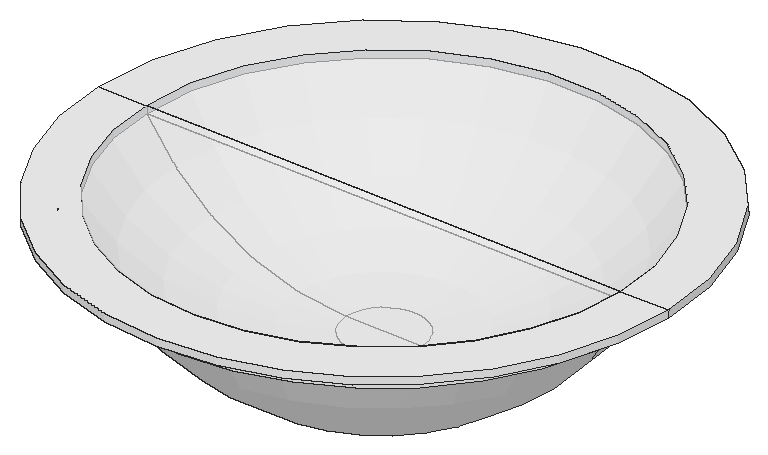
Revit family "0030339 Sylvania Lighting Fixture START Downlight 225 IP44 DALI 2250Lm 840", category Lighting Fixtures, host Face, Revit 2016
Family settings
  Host = Face
  Part Type = Normal
  Round Connector Dimension = Use Diameter
  OmniClass Number = 23.80.70.00
  OmniClass Title = Lighting
  Cut with Voids When Loaded = No
  Light Source = Yes
  Shared = No
  Room Calculation Point = No
Parameters (values of type "0030339 ST DOWNLIGHT 225 IP44 DALI 2250LM 840")
  Weight = "10.188 kg"
  Wattage Comments = ""
  Wattage = 23 W
  WarrantyStartDate [instance] = "n/a"
  WarrantyGuarantorParts = "n/a"
  WarrantyDurationUnit = "n/a"
  WarrantyDurationParts = "n/a"
  WarrantyDescription = "n/a"
  built-in parameter 1150110 = 1 (stored number, unit not read)
  Voltage = 230 V
  URL = "http://www.sylvania-lighting.com"
  TypeName = "START Downlight 225 IP44 DALI 2250Lm 840"
  Type Image = <None>
  Type Comments = "n/a"
  built-in parameter 1114217 = 1 (stored number, unit not read)
  Tilt Angle = -90.00°
  built-in parameter 1150109 = 1 (stored number, unit not read)
  built-in parameter 1150134 = 12
  built-in parameter 1150113 = 1 (stored number, unit not read)
  SerialNumber [instance] = "n/a"
  S_SYL = no
  RadiusTop_SYL = if(S_SYL, 80 mm, if(M_SYL, 100 mm, if(L_SYL, 120 mm, 120 mm)))  # 120 mm
  Photometric Web File = "0030339.ies"
  Material_3_FEILO = Top-Sylvania-STARTDownlight
  PowerFactor = 0.9
  PowerConsumption = "23 W"
  NominalLength = 240 mm
  NominalHeight = 65 mm
  NominalDepth = 240 mm
  Name = "START Downlight 225 IP44 DALI 2250Lm 840"
  ModelReference = Name  # "START Downlight 225 IP44 DALI 2250Lm 840"
  ModelNumber = "0030339"
  Model = Name  # "START Downlight 225 IP44 DALI 2250Lm 840"
  Material = "aluminium housing, polycarbonate diffuser"
  ManufacturerName = "Feilo Sylvania"
  Manufacturer = "Feilo Sylvania"
  M_SYL = no
  LuminousEfficacy = "101.5 lm/W"
  built-in parameter 1150105 = 1223.5 (stored number, unit not read)
  Lumens = 2335.08 lm
  LuminaireType = ""
  built-in parameter 1150115 = 1 (stored number, unit not read)
  LightOutputRatio = "100"
  built-in parameter 1150137 = (empty or 0)
  built-in parameter 1150139 = (empty or 0)
  LampsType = Lamp  # "LED"
  LampNominalLuminous = "2335 lm"
  LampMacAdamStep = "5"
  LampColourTemperature = "4000 K"
  LampColourRenderingIndex = "80"
  built-in parameter 1150112 = 1 (stored number, unit not read)
  built-in parameter 1150114 = 1 (stored number, unit not read)
  Lamp = "LED"
  L_SYL = no
  Keynote = "16500"
  InstallationDate [instance] = "n/a"
  InputVoltage = "220-240V~"
  InputNominalFrequency = "50/60 Hz"
  built-in parameter 1150132 = (empty or 0)
  built-in parameter 1150102 = (empty or 0)
  built-in parameter 1150107 = 4000 (stored number, unit not read)
  built-in parameter 1150138 = (empty or 0)
  IngressProtection = "IP20/44"
  ImpactProtectionIndex = "IK07"
  built-in parameter 1150106 = 12.235 (stored number, unit not read)
  IfcExportType = "IfcLightFixtureType"
  IfcExportAs = "IfcLightFixtureType"
  Height_SYL = if(S_SYL, 41 mm, if(M_SYL, 47 mm, if(L_SYL, 56 mm, 62 mm)))  # 62 mm
  ExpectedLife = 50000
  Emit from Circle Diameter = Diameter_SYL - 40 mm  # 200 mm
  Emit Shape Visible in Rendering = no
  ElectricShockClassification = "Class II"
  built-in parameter 1150104 = 9.432 (stored number, unit not read)
  DurationUnit = "hours"
  DocumentationLiterature = "http://www.sylvania-lighting.com/product/en-int/products/0030339"
  DimmingControlOptions = "Dimmable"
  Material_2_FEILO = Diffuser-Sylvania-STARTDownlight
  Dimming Lamp Color Temperature Shift = <None>
  Diameter_SYL = if(S_SYL, 164 mm, if(M_SYL, 193 mm, if(L_SYL, 220 mm, 240 mm)))  # 240 mm
  DiameterTop_SYL = if(S_SYL, 77 mm, if(M_SYL, 81 mm, if(L_SYL, 104 mm, 105 mm)))  # 105 mm
  DiameterRecess_SYL = if(S_SYL, 141 mm, if(M_SYL, 169 mm, if(L_SYL, 198 mm, 216 mm)))  # 216 mm
  Description = ""
  Default Elevation = 1219.2 mm
  CreatedOn = "8/1/2018"
  CreatedBy = "@sylvania-lighting.com"
  Cost = 0
  Color Filter = 16777215
  built-in parameter 1114216 [instance] = (empty or 0)
  ClassificationValue = "EF_70_80"
  ClassificationName = "Uniclass2015"
  Material_1_FEILO = Trim-Sylvania-STARTDownlight-White
  BarCode [instance] = "n/a"
  built-in parameter 1114218 = 1 (stored number, unit not read)
  built-in parameter 1150133 = 10 (stored number, unit not read)
  AssetType = "Fixed"
  AssetIdentifier [instance] = "n/a"
  Assembly Code = "D5020200"
  Apparent Load = 23 VA
  Material_4_FEILO = LED-Sylvania-STARTDownlight
Reference planes
  plane 1 "Center (Front/Back)": y = 0
  plane 2: z = 0
  plane 3 "Center (Left/Right)": x = 0
  plane 4: x = 120
  plane 5: x = -120
  plane 6: z = 3
  plane 7: z = -8
  plane 8: z = -57
  plane 9: z = -59
  plane 10: x = -108
  plane 11: x = 108
  plane 12: x = -52.5
  plane 13: x = 52.5
  plane 14: x = -100
  plane 15: x = 100
  plane 16: z = -85
  plane 17: x = -100
  plane 18: z = 2
  plane 19: z = -47
  plane 20: x = -16
Forms (mm)
  Revolve 1, solid
    sketch origin (0, 0, 0) x (1, 0, 0) y (0, 0, 1)
      loop
        line (-120, 3) -> (-120, 0) -> (-108, 0) -> (-108, -8) -> (-100, -8)
        arc (-100, -8) -> (-79.807, -35.948) -> (-52.5, -57) r 120
        line (-52.5, -57) -> (0, -57) -> (0, -47) -> (-16, -47)
        arc (-16, -47) -> (-64.127, -34.451) -> (-100, 0) r 98.564
        line (-100, 0) -> (-100, 3) -> (-120, 3)
      axis (0, 3) -> (0, -57)
    angle from 360 to 0
  Revolve 2, void
    sketch origin (0, 0, 0) x (1, 0, 0) y (0, 0, 1)
      loop
        line (0, 0) -> (-108, 0) -> (-108, -85) -> (0, -85) -> (0, 0)
      axis (0, 0) -> (0, -85)
    angle from 360 to 0
  Revolve 3, solid, material "Diffuser-Sylvania-STARTDownlight" <- "Material_2_FEILO"
    sketch origin (0, 0, 0) x (1, 0, 0) y (0, 0, 1)
      loop
        line (-100, 3) -> (-100, 0) -> (0, 0) -> (0, 3) -> (-100, 3)
      axis (0, 3) -> (0, 0)
    angle from 360 to 0
Dimensions and locks
  equal spacing: plane 4, plane 3 "Center (Left/Right)", plane 5
  "Diameter_SYL": plane 4 to plane 5
  equal spacing: plane 11, plane 3 "Center (Left/Right)", plane 10
  equal spacing: plane 13, plane 3 "Center (Left/Right)", plane 12
  "DiameterTop_SYL": plane 13 to plane 12
  equal spacing: plane 15, plane 3 "Center (Left/Right)", plane 14
  locked: plane 6 to plane 2 at 3
  "Height_SYL": plane 6 to plane 9
  locked: plane 8 to plane 9 at 2
  locked: plane 2 to plane 7 at 8
  locked: plane 2 to plane 16 at 85
  locked: plane 17 to plane 5 at 20
  locked: plane 6 to plane 18 at 1
  "DiameterRecess_SYL": plane 11 to plane 10
  locked: plane 19 to plane 8 at 10
  locked: plane 3 "Center (Left/Right)" to plane 20 at 16
  locked: plane 14 to plane 5 at 20
  "RadiusTop_SYL": radius of Revolve 1 sketch curve
  aligned and locked: plane 2 to host face
  aligned and locked: level to host face
  aligned and locked: Revolve 1 sketch curve to plane 5
  aligned and locked: Revolve 1 sketch curve to level
  aligned and locked: plane 7 to Revolve 1 sketch curve
  aligned and locked: Revolve 1 sketch curve to plane 10
  aligned and locked: plane 14 to Revolve 1 sketch curve
  aligned and locked: plane 3 "Center (Left/Right)" to Revolve 1 sketch curve
  aligned and locked: Revolve 1 sketch curve to plane 8
  aligned and locked: Revolve 1 sketch curve to plane 3 "Center (Left/Right)"
  aligned and locked: Revolve 2 sketch curve to plane 3 "Center (Left/Right)"
  aligned and locked: plane 3 "Center (Left/Right)" to Revolve 2 sketch curve
  aligned and locked: Revolve 2 sketch curve to plane 10
  aligned and locked: plane 16 to Revolve 2 sketch curve
  aligned and locked: Revolve 1 sketch curve to plane 6
  aligned and locked: plane 19 to Revolve 1 sketch curve
  aligned and locked: plane 20 to Revolve 1 sketch curve
  aligned and locked: Revolve 1 sketch curve to Revolve 1 sketch curve
  aligned and locked: plane 17 to Revolve 1 sketch curve
  aligned and locked: plane 2 to Revolve 1 sketch curve
  aligned and locked: Revolve 3 sketch curve to plane 3 "Center (Left/Right)"  (x2)
  aligned and locked: plane 3 "Center (Left/Right)" to imposter light
  aligned and locked: imposter light to plane 18
  aligned and locked: imposter light to plane 1 "Center (Front/Back)"
  aligned and locked: plane 14 to Revolve 3 sketch curve
Automatic sketch dimensions
  host sketch curve to host sketch curve = 2438.4 mm  (x2)
  plane 16 to Revolve 2 sketch curve = 524.6 mm
  Revolve 2 sketch curve to plane 6 = 2606.058 mm
  Revolve 1 sketch curve to plane 12 = 0 mm
  plane 16 to Revolve 1 sketch curve = 524.6 mm
  Revolve 1 sketch curve to Revolve 1 sketch curve = 2581.366 mm
  Revolve 2 sketch curve to level = 0 mm
  Revolve 3 sketch curve to plane 6 = 0 mm
  Revolve 3 sketch curve to level = 0 mm
  plane 16 to Revolve 3 sketch curve = 524.6 mm
  Revolve 3 sketch curve to Revolve 3 sketch curve = 2606.058 mm
Connectors
  electrical at (0, 0, 0), driven by "Apparent Load", driven by "PowerFactor", driven by "Voltage"
    settings: index 1, voltage 230 V, apparent load 23 VA, apparent load phase1 0 VA, apparent load phase2 0 VA, apparent load phase3 0 VA, power factor 0.9, load classification "Lighting", number of poles 1, system type 30, power factor state 1, is connector primary yes, connector utility no, sub classification motor no, connector description ""
